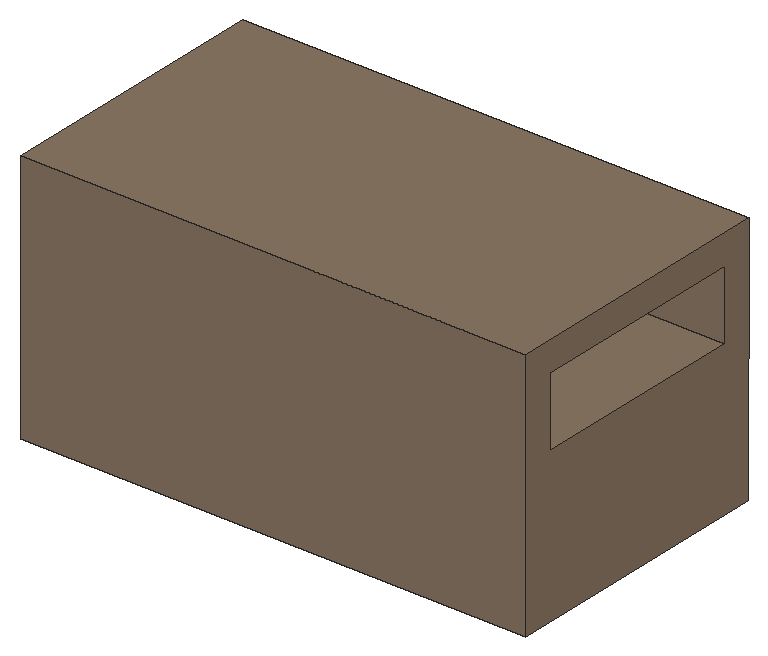
Revit family
Parameters
  URL = "http://www.martinbrattrud.com"
  Table [instance] = none
  SCS Certified Product = "Yes"
  Model = "Bristol 249-02LS"
  Manufacturer = "Martin Brattrud, Inc."
  Keynote = "125000"
  Copyright = "© 2013 Martin Brattrud, Inc."
  Authoring Version = "Revit Architecture 2010"
  Assembly Code = "E2020200"
Reference planes (in)
  plane 1 "Center Front/Back": y = 0
  plane 2: z = 0
  plane 3 "Center Left/Right": x = 0
Forms (in)
  Extrusion 1, solid, material <- "Table"
    sketch origin (0, 0, 0) x (1, 0, 0) y (0, 1, 0)
      loop
        line (-12.75, 7) -> (-12.75, -7) -> (12.75, -7) -> (12.75, 7) -> (-12.75, 7)
    from 4.25 to 17
  Extrusion 2, void
    sketch origin (0, 0, 0) x (0, 1, 0) y (0, 0, 1)
      loop
        line (5.49976, 12) -> (5.49976, 15.5) -> (-5.50038, 15.5) -> (-5.50038, 12) -> (5.49976, 12)
    from -12.75 to 12.75
Cuts and joins
  Extrusion 2 cuts Extrusion 1
